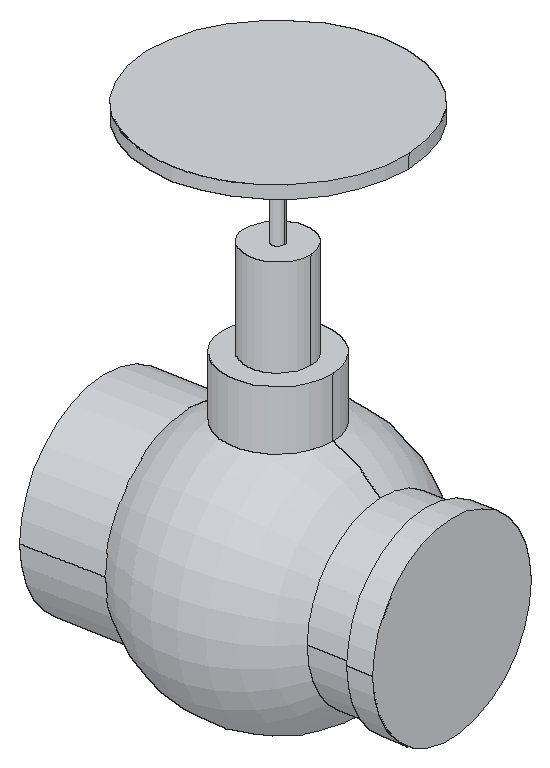
Revit family "34eabd1112164fcfbed2576e0d02a7ec", category Mechanical Equipment, Revit 2021
Family settings
  Round Connector Dimension = Use Radius
  Part Type = Normal
  OmniClass Number = 23.65.70.17.11
  OmniClass Title = Fire Fighting Terminal Components
  Seek Item ID = Hose Connection - Globe Valve-0000-USA-ENU
  Work Plane-Based = No
  Always vertical = Yes
  Cut with Voids When Loaded = No
  Shared = No
  Room Calculation Point = No
Parameters (values of type "2 1/2"")
  Valve Material = none
  Valve Length = 0' - 6 5/8"
  Outside Diameter = Outside Radius * 2  # 0' - 4"
  Hose Connection Diameter = Hose Connection Radius * 2  # 0' - 3 1/2"
  Handle Wheel Diameter = Handle Wheel Radius * 2  # 0' - 5"
  Flow Pressure [instance] = 0.00 psi
  Packing Radius = Packing Diameter / 2  # 0' - 0.62859"
  Packing Height = 1.5 * Packing Diameter  # 0' - 1.88578"
  Packing Diameter = 0.24 * Body Diameter  # 0' - 1.25719"
  Length 1 = Valve Length * 0.5  # 0' - 3 5/16"
  Outside Radius = 0' - 2"
  Nominal Radius = 1 1/4"
  Nominal Diameter = Nominal Radius * 2  # 2 1/2"
  Hose Connection Radius 1 = Hose Connection Radius + 0' 0 1/8"  # 0' - 1 7/8"
  Hose Connection Radius = 0' - 1 3/4"
  Height 1 = 0' - 7 13/16"
  Handle Wheel Radius = 0' - 2 1/2"
  Flow [instance] = 0 GPM
  Default Elevation = 0' - 0"
  Body Radius = Body Diameter / 2  # 0' - 2.61914"
  Body Gasket Radius = Body Gasket Diameter / 2  # 0' - 1.04766"
  Body Gasket Height 1 = Body Gasket Height  # 0' - 1.17338"
  Body Gasket Height = 0.56 * Body Gasket Diameter  # 0' - 1.17338"
  Body Gasket Diameter = 0.4 * Body Diameter  # 0' - 2.09531"
  Body Diameter = 0' - 5 61/256"
Reference planes (in)
  plane 1 "Center (Front/Back)": y = 0
  plane 2: z = 0
  plane 3 "Center (Left/Right)": x = 0
  plane 4: x = 3.3125
  plane 5: x = 6.625
  plane 6: x = 6.125
  plane 7: z = 3.55172
  plane 8: z = 5.4375
  plane 9: z = 7.5625
  plane 10: z = 7.8125
  plane 11: y = 2
  plane 12: y = -2
  plane 13: y = 1.75
  plane 14: y = -1.75
  plane 15: y = 1.875
  plane 16: y = -1.875
  plane 17: x = 6.625
Forms (in)
  Revolve 1, solid, material <- "Valve Material", detail levels fine
    sketch origin (0, 0, 0) x (1, 0, 0) y (0, 0, 1)
      loop
        arc (5.93164, 0) -> (3.3125, 2.61914) -> (0.69336, 0) r 2.61914
        line (0.69336, 0) -> (5.93164, 0)
      axis (0.69336, 0) -> (5.93164, 0)
    angle from 0 to 360
  Extrusion 2, solid, material <- "Valve Material", detail levels fine
    sketch origin (0, 0, 0) x (0, 1, 0) y (0, 0, 1)
      loop
        circle (0, 0) r 2
    from 3.3125 to 0
  Extrusion 3, solid, material <- "Valve Material", detail levels fine
    sketch origin (0, 0, 0) x (0, 1, 0) y (0, 0, 1)
      loop
        circle (0, 0) r 1.75
    from 3.3125 to 6.625
  Extrusion 4, solid, material <- "Valve Material", detail levels fine
    sketch origin (0, 0, 0) x (0, 1, 0) y (0, 0, 1)
      loop
        circle (0, 0) r 1.875
    from 6.125 to 6.625
  Extrusion 5, solid, material <- "Valve Material", detail levels fine
    sketch origin (0, 0, 0) x (1, 0, 0) y (0, 1, 0)
      loop
        circle (3.3125, 0) r 1.04766
    from 0 to 3.55172
  Extrusion 6, solid, material <- "Valve Material", detail levels fine
    sketch origin (0, 0, 0) x (1, 0, 0) y (0, 1, 0)
      loop
        circle (3.3125, 0) r 0.62859
    from 3.55172 to 5.4375
  Extrusion 7, solid, material <- "Valve Material", detail levels fine
    sketch origin (0, 0, 0) x (1, 0, 0) y (0, 1, 0)
      loop
        circle (3.3125, 0) r 0.125
    from 5.4375 to 7.5625
  Extrusion 8, solid, material <- "Valve Material", detail levels fine
    sketch origin (0, 0, 0) x (1, 0, 0) y (0, 1, 0)
      loop
        circle (3.3125, 0) r 2.5
    from 7.5625 to 7.8125
Cuts and joins
  joined: Revolve 1, Extrusion 2, Extrusion 3, Extrusion 4, Extrusion 5, Extrusion 6, Extrusion 7, Extrusion 8
Lines and regions (in)
  symbolic lines, detail levels coarse+medium
    curve 1: line (0.8125, 0, 0) -> (0, 0, 0)
  symbolic lines, detail levels fine
    curve 2: line (0, 2, 0) -> (0, -2, 0)
    curve 3: line (0, -2, 0) -> (1.62005, -2, 0)
    curve 4: line (0, 2, 0) -> (1.62005, 2, 0)
    curve 5: line (6.125, 1.75, 0) -> (5.26235, 1.75, 0)
    curve 6: line (6.125, -1.75, 0) -> (5.26235, -1.75, 0)
    curve 7: line (6.125, 1.875, 0) -> (6.125, -1.875, 0)
    curve 8: line (6.125, -1.875, 0) -> (6.625, -1.875, 0)
    curve 9: line (6.625, -1.875, 0) -> (6.625, 1.875, 0)
    curve 10: line (6.625, 1.875, 0) -> (6.125, 1.875, 0)
    curve 11: line (1.62005, 2, 0) -> (1.62005, 1.84, 0)
    curve 12: line (1.62005, -2, 0) -> (1.62005, -1.84, 0)
    curve 13: line (5.26235, -1.75, 0) -> (5.26235, -1.56464, 0)
    curve 14: line (5.26235, 1.75, 0) -> (5.26235, 1.56464, 0)
  model lines, detail levels coarse+medium
    curve 15: circle (3.3125, 0, 0) r 3.3125 normal (0, -1, 0)
    curve 16: line (0, 0, 7.8125) -> (6.625, 0, 7.8125)
    curve 17: line (3.3125, 0, 3.3125) -> (3.3125, 0, 7.8125)
Dimensions and locks (in)
  "Length 1": plane 4 to plane 3 "Center (Left/Right)"
  "Valve Length": plane 5 to plane 3 "Center (Left/Right)"
  locked: plane 5 to plane 6 at 0.5
  "Packing Height": plane 8 to plane 7
  "Height 1": plane 10 to plane 2
  locked: plane 10 to plane 9 at 0.25
  locked: plane 9 to plane 8 at 2.125
  "Outside Radius": plane 11 to plane 1 "Center (Front/Back)"
  "Outside Radius": plane 12 to plane 1 "Center (Front/Back)"
  "Hose Connection Radius": plane 13 to plane 1 "Center (Front/Back)"
  "Hose Connection Radius": plane 14 to plane 1 "Center (Front/Back)"
  "Hose Connection Radius 1": plane 15 to plane 1 "Center (Front/Back)"
  "Hose Connection Radius 1": plane 16 to plane 1 "Center (Front/Back)"
  "Length 1": plane 17 to plane 4
  "Body Radius": radius of Revolve 1 sketch curve
  "Outside Radius": radius of Extrusion 2 sketch curve
  "Hose Connection Radius": radius of Extrusion 3 sketch curve
  "Hose Connection Radius 1": radius of Extrusion 4 sketch curve
  "Body Gasket Radius": radius of Extrusion 5 sketch curve
  "Packing Radius": radius of Extrusion 6 sketch curve
  radius of Extrusion 7 sketch curve = 0' - 0 1/8"
  "Handle Wheel Radius": radius of Extrusion 8 sketch curve
  "Length 1": radius of curve 15
  aligned and locked: plane 4 to Revolve 1 sketch curve
  aligned and locked: plane 2 to Revolve 1 sketch curve
  aligned and locked: Revolve 1 sketch curve to level
  aligned and locked: plane 1 "Center (Front/Back)" to Extrusion 2 sketch curve
  aligned and locked: plane 2 to Extrusion 2 sketch curve
  aligned and locked: Extrusion 2 to plane 4
  aligned and locked: Extrusion 2 to plane 3 "Center (Left/Right)"
  aligned and locked: plane 1 "Center (Front/Back)" to Extrusion 3 sketch curve
  aligned and locked: plane 2 to Extrusion 3 sketch curve
  aligned and locked: Extrusion 3 to plane 4
  aligned and locked: plane 5 to Extrusion 3
  aligned and locked: plane 1 "Center (Front/Back)" to Extrusion 4 sketch curve
  aligned and locked: plane 2 to Extrusion 4 sketch curve
  aligned and locked: Extrusion 4 to plane 6
  aligned and locked: plane 5 to Extrusion 4
  aligned and locked: plane 4 to Extrusion 5 sketch curve
  aligned and locked: plane 1 "Center (Front/Back)" to Extrusion 5 sketch curve
  aligned and locked: Extrusion 5 to level
  aligned and locked: plane 7 to Extrusion 5
  aligned and locked: plane 4 to Extrusion 6 sketch curve
  aligned and locked: plane 1 "Center (Front/Back)" to Extrusion 6 sketch curve
  aligned and locked: plane 4 to Extrusion 7 sketch curve
  aligned and locked: plane 1 "Center (Front/Back)" to Extrusion 7 sketch curve
  aligned and locked: plane 8 to Extrusion 7
  aligned and locked: plane 9 to Extrusion 7
  aligned and locked: plane 4 to Extrusion 8 sketch curve
  aligned and locked: plane 1 "Center (Front/Back)" to Extrusion 8 sketch curve
  aligned and locked: Extrusion 8 to plane 9
  aligned and locked: Extrusion 8 to plane 10
  aligned and locked: Extrusion 6 to plane 8
  aligned and locked: Extrusion 6 to plane 7
  aligned and locked: plane 2 to curve 15
  aligned and locked: plane 10 to curve 16
  aligned and locked: plane 4 to curve 17
  aligned and locked: plane 10 to curve 17
  aligned and locked: plane 3 "Center (Left/Right)" to curve 16
  aligned and locked: plane 5 to curve 16
Automatic sketch dimensions
  Revolve 1 sketch curve to Revolve 1 sketch curve = 0' - 4 1/4"
  Revolve 1 sketch curve to Revolve 1 sketch curve = 0' - 7"
  curve 3 to plane 3 "Center (Left/Right)" = 0' - 0"
  curve 3 to plane 12 = 0' - 0"
  curve 11 to plane 11 = 0' - 0"
  curve 6 to plane 14 = 0' - 0"
  curve 14 to plane 13 = 0' - 0"
  curve 5 to plane 6 = 0' - 0"
  curve 9 to plane 5 = 0' - 0"
  curve 9 to plane 16 = 0' - 0"
  curve 1 to plane 1 "Center (Front/Back)" = 0' - 0"
  curve 10 to plane 15 = 0' - 0"
  plane 3 "Center (Left/Right)" to curve 1 = 0' - 0 13/16"
  curve 12 to plane 16 = 0' - 0.035"
  curve 14 to plane 13 = 0' - 0.18536"
  curve 11 to plane 15 = 0' - 0.035"
  plane 3 "Center (Left/Right)" to curve 4 = 0' - 1.62005"
  curve 14 to plane 6 = 0' - 0.86265"
  plane 3 "Center (Left/Right)" to curve 3 = 0' - 1.62005"
  curve 6 to plane 6 = 0' - 0.86265"
  curve 6 to curve 13 = 0' - 0.18536"
  curve 15 to plane 4 = 0' - 0"
Connectors (in)
  piping at (0, 0, 0), diameter 2.5, driven by "Flow Pressure", driven by "Nominal Radius", driven by "Flow"
    settings: on cut or joined group of Revolve 1, Extrusion 2, Extrusion 3, Extrusion 4, Extrusion 5, Extrusion 6, Extrusion 7, Extrusion 8, index 1, connector inside diameter 2 1/2", connector length 0' - 0", flow factor 0, pipe flow 0 GPM, pressure drop 0.00 psi, fitting loss kfactor 0, connector angle 0.00°, fixture units 0, engagement length 0' - 0", angle of deflection 0.00°, flow configuration 1, flow direction 1, fitting loss method 4, system type 29, joint type 0, gender type 0, connector reference index -1, connector utility 0, adjustable connector no, is connector primary yes, connector description "In"
